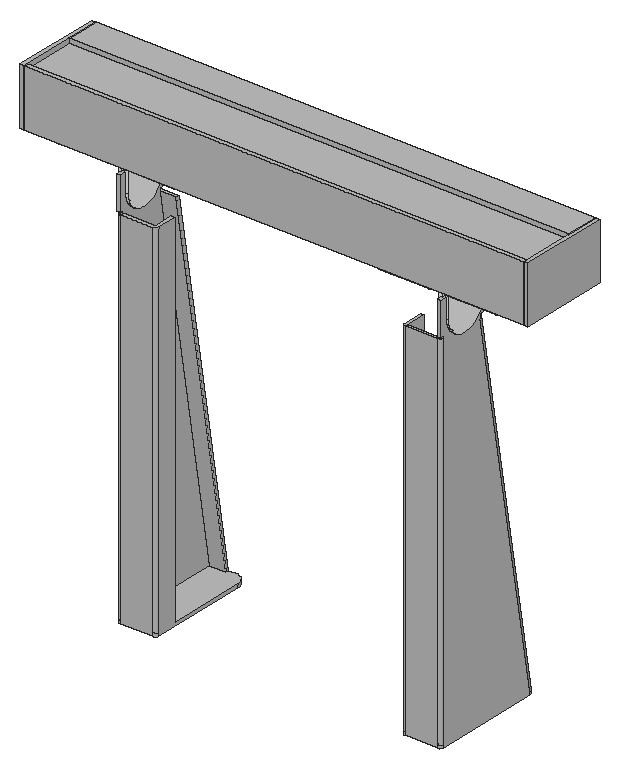
Revit family "4070742+4070747+4070772 Feilo Sylvania Lighting Fixtures CURSUS 306MM 218LM OVAL LED 4K with SINGLE WALL HOUSING with 250MM WALL BRACKET", category Lighting Fixtures, host Face, Revit 2017
Family settings
  Host = Face
  Round Connector Dimension = Use Diameter
  Part Type = Normal
  OmniClass Number = 23.80.70.14
  OmniClass Title = Luminaries for External Lighting
  Cut with Voids When Loaded = Yes
  Light Source = No
  Shared = No
  Room Calculation Point = No
Parameters (values of type "4070742 CURSUS 306MM 218LM OVAL LED 4K")
  Weight = "0.6 kg"
  Wattage Comments = "n/a"
  WarrantyStartDate [instance] = "n/a"
  WarrantyGuarantorParts = "n/a"
  WarrantyDurationUnit = "n/a"
  WarrantyDurationParts = "n/a"
  WarrantyDescription = "n/a"
  Voltage = 24 V
  URL = "http://www.sylvania-lighting.com"
  TypeName = "CURSUS 306MM 218LM OVAL LED 4K"
  TypeFixture_FEILO = CURSUS with SINGLE WALL HOUSING : CURSUS 306MM 218LM OVAL LED 4K
  Type Image = <None>
  Type Comments = "n/a"
  TiltAngle [instance] = 0.00°
  StartAngle [instance] = TiltAngle + 270.00°  # 270.00°
  SerialNumber [instance] = "n/a"
  ReflectorMaterial = none
  PowerFactor = 0
  PowerConsumption = "4.5 W"
  NominalLength = 306 mm
  NominalHeight = 50 mm
  NominalDepth = 30 mm
  Name = "CURSUS 306MM 218LM OVAL LED 4K"
  ModelReference = Name  # "CURSUS 306MM 218LM OVAL LED 4K"
  ModelNumber = "4070742"
  Model = Name  # "CURSUS 306MM 218LM OVAL LED 4K"
  Material = "natural anodised extruded aluminium structure housing, optical system with pmma lenses diffuser"
  ManufacturerName = "Feilo Sylvania"
  Manufacturer = "Feilo Sylvania"
  LuminousEfficacy = "48.44 lm/W"
  LuminaireType = ""
  LightOutputRatio = "100"
  LampsType = Lamp  # "LED"
  LampNominalLuminous = "218 lm"
  LampMacAdamStep = "n/a"
  LampColourTemperature = "4000 K"
  LampColourRenderingIndex = "80"
  Lamp = "LED"
  Keynote = "16500"
  InstallationDate [instance] = "n/a"
  InputVoltage = "24V DC"
  InputNominalFrequency = "n/a"
  IngressProtection = "IP67"
  ImpactProtectionIndex = "IK07"
  IfcExportType = "IfcLightFixtureType"
  IfcExportAs = "IfcLightFixtureType"
  ExpectedLife = 50000
  EndAngle [instance] = StartAngle - 180.00°  # 90.00°
  ElectricShockClassification = "Class III"
  DurationUnit = "hours"
  DocumentationLiterature = "http://www.sylvania-lighting.com/product/en-int/products/4070742"
  DimmingControlOptions = "n/a"
  DiffuserMaterial = Diffuser-Sylvania-Glow
  Description = "LED Exterior Lighting Recessed Surface Mounted Linear Fixture, Natural anodised extruded aluminium structure. Die-cast aluminium end caps. Installation kit with harmonic steel springs., 218 lm, 4,5W,  48lm/W, 4000K, CRI80+,non dimmable,IP67, IK07, (HxWxD) 306x50x30mm, 3 step Mac Adam Ellipse, 0.6kg,, Classe III, 21-25V-DC, energy class : A++, A+, A"
  Default Elevation = 1219.2 mm
  CreatedOn = "1/8/2018"
  CreatedBy = ""
  Cost = 0
  built-in parameter 1114216 [instance] = (empty or 0)
  ClassificationValue = "EF_70_80"
  ClassificationName = "Uniclass2015"
  BracketWidth = 24 mm
  BracketThickness = 2 mm
  BracketHeightEnd = 32 mm
  BracketHeight = 70 mm
  BracketFlange = BracketHeight / 5  # 14 mm
  BracketExtension = 250 mm
  BracketEndReduction = 25 mm
  BracketC = 22 mm  # constant formula
  BracketDistance = 175 mm
  BracketD = BracketHeightEnd - (BracketC * (BracketHeight - BracketHeightEnd) / (BracketExtension - BracketEndReduction))  # 28.284 mm
  BodyMaterial = Body-Sylvania-Gray
  BarCode [instance] = "n/a"
  AssetType = "Fixed"
  AssetIdentifier [instance] = "n/a"
  Assembly Code = "D5020200"
  Apparent Load = 4.5 VA
  AccessoryMaterial = Diffuser-Sylvania-Glow
Reference planes
  plane 1 "Center (Front/Back)": y = 0
  plane 2: z = 0
  plane 3 "Center (Left/Right)": x = 0
  plane 4: x = -99.5
  plane 5: x = 99.5
  plane 6: y = 70
  plane 7: x = -75.5
  plane 8: x = 75.5
  plane 9: z = 250
  plane 10: z = 236
  plane 11: z = 2
  plane 12: z = 225
  plane 13: x = -97.5
  plane 14: y = 68
  plane 15: y = 2
  plane 16: x = -77.5
  plane 17: x = 77.5
  plane 18: x = 97.5
  plane 19: x = -87.5
  plane 20: x = 87.5
  plane 21: y = 14
  plane 22: y = 32
  plane 23: y = 30
  plane 24: z = 247
  plane 25: y = 28.284
  plane 26: y = 16
Forms (mm)
  Blend 1, solid, material "Body-Sylvania-Gray" <- "BodyMaterial"
    base sketch origin (1223.4, -4572, 2) x (0, -1, 0) y (1, 0, 0)
      loop
        line (-4640, -1310.9) -> (-4642, -1310.9) -> (-4642, -1320.9)
        arc (-4642, -1320.9) -> (-4641.414, -1322.314) -> (-4640, -1322.9) r 2
        line (-4640, -1322.9) -> (-4574, -1322.9)
        arc (-4574, -1322.9) -> (-4572.586, -1322.314) -> (-4572, -1320.9) r 2
        line (-4572, -1320.9) -> (-4572, -1300.9)
        arc (-4572, -1300.9) -> (-4572.586, -1299.486) -> (-4574, -1298.9) r 2
        line (-4574, -1298.9) -> (-4586, -1298.9) -> (-4586, -1300.9) -> (-4574, -1300.9) -> (-4574, -1320.9) -> (-4640, -1320.9) -> (-4640, -1310.9)
    top sketch origin (1223.4, -4572, 2) x (0, -1, 0) y (1, 0, 0)
      loop
        line (-4586, -1300.9) -> (-4574, -1300.9) -> (-4574, -1320.9) -> (-4602, -1320.9) -> (-4602, -1310.9) -> (-4604, -1310.9) -> (-4604, -1320.9)
        arc (-4604, -1320.9) -> (-4603.52, -1322.21) -> (-4602.309, -1322.9) r 2.028
        line (-4602.309, -1322.9) -> (-4574, -1322.9)
        arc (-4574, -1322.9) -> (-4572.586, -1322.314) -> (-4572, -1320.9) r 2
        line (-4572, -1320.9) -> (-4572, -1300.9)
        arc (-4572, -1300.9) -> (-4572.586, -1299.486) -> (-4574, -1298.9) r 2
        line (-4574, -1298.9) -> (-4586, -1298.9) -> (-4586, -1300.9)
    from 0 to 223
  Extrusion 2, solid, material "Body-Sylvania-Gray" <- "BodyMaterial"
    sketch origin (0, 0, 0) x (1, 0, 0) y (0, 1, 0)
      loop
        arc (-97.5, 70) -> (-98.914, 69.414) -> (-99.5, 68) r 2
        line (-99.5, 68) -> (-99.5, 2)
        arc (-99.5, 2) -> (-98.914, 0.586) -> (-97.5, 0) r 2
        line (-97.5, 0) -> (-77.5, 0)
        arc (-77.5, 0) -> (-76.086, 0.586) -> (-75.5, 2) r 2
        line (-75.5, 2) -> (-75.5, 62.5)
        arc (-75.5, 62.5) -> (-77.697, 67.803) -> (-83, 70) r 7.5
        line (-83, 70) -> (-97.5, 70)
      loop
        line (97.5, 70) -> (83, 70)
        arc (83, 70) -> (77.697, 67.803) -> (75.5, 62.5) r 7.5
        line (75.5, 62.5) -> (75.5, 2)
        arc (75.5, 2) -> (76.086, 0.586) -> (77.5, 0) r 2
        line (77.5, 0) -> (97.5, 0)
        arc (97.5, 0) -> (98.914, 0.586) -> (99.5, 2) r 2
        line (99.5, 2) -> (99.5, 68)
        arc (99.5, 68) -> (98.914, 69.414) -> (97.5, 70) r 2
    from 0 to 2
  Blend 3, solid, material "Body-Sylvania-Gray" <- "BodyMaterial"
    base sketch origin (1223.4, -4572, 2) x (0, -1, 0) y (1, 0, 0)
      loop
        line (-4640, -1125.9) -> (-4574, -1125.9) -> (-4574, -1145.9) -> (-4586, -1145.9) -> (-4586, -1147.9) -> (-4574, -1147.9)
        arc (-4574, -1147.9) -> (-4572.586, -1147.314) -> (-4572, -1145.9) r 2
        line (-4572, -1145.9) -> (-4572, -1125.9)
        arc (-4572, -1125.9) -> (-4572.586, -1124.486) -> (-4574, -1123.9) r 2
        line (-4574, -1123.9) -> (-4640, -1123.9)
        arc (-4640, -1123.9) -> (-4641.414, -1124.486) -> (-4642, -1125.9) r 2
        line (-4642, -1125.9) -> (-4642, -1135.9) -> (-4640, -1135.9) -> (-4640, -1125.9)
    top sketch origin (1223.4, -4572, 2) x (0, -1, 0) y (1, 0, 0)
      loop
        line (-4602, -1135.9) -> (-4602, -1125.9) -> (-4574, -1125.9) -> (-4574, -1145.9) -> (-4586, -1145.9) -> (-4586, -1147.9) -> (-4574, -1147.9)
        arc (-4574, -1147.9) -> (-4572.586, -1147.314) -> (-4572, -1145.9) r 2
        line (-4572, -1145.9) -> (-4572, -1125.9)
        arc (-4572, -1125.9) -> (-4572.586, -1124.486) -> (-4574, -1123.9) r 2
        line (-4574, -1123.9) -> (-4602, -1123.9)
        arc (-4602, -1123.9) -> (-4603.414, -1124.486) -> (-4604, -1125.9) r 2
        line (-4604, -1125.9) -> (-4604, -1135.9) -> (-4602, -1135.9)
    from 0 to 223
  Blend 4, solid, material "Body-Sylvania-Gray" <- "BodyMaterial"
    base sketch origin (1223.4, -4572, 225) x (0, -1, 0) y (1, 0, 0)
      loop
        line (-4604, -1322.9) -> (-4572, -1322.9) -> (-4572, -1320.9) -> (-4604, -1320.9) -> (-4604, -1322.9)
    top sketch origin (1223.4, -4572, 225) x (0, -1, 0) y (1, 0, 0)
      loop
        line (-4572, -1322.9) -> (-4572, -1320.9) -> (-4600.284, -1320.9) -> (-4600.284, -1322.9) -> (-4572, -1322.9)
    from 0 to 22
  Blend 5, solid, material "Body-Sylvania-Gray" <- "BodyMaterial"
    base sketch origin (1223.4, -4572, 225) x (0, -1, 0) y (1, 0, 0)
      loop
        line (-4604, -1125.9) -> (-4572, -1125.9) -> (-4572, -1123.9) -> (-4604, -1123.9) -> (-4604, -1125.9)
    top sketch origin (1223.4, -4572, 225) x (0, -1, 0) y (1, 0, 0)
      loop
        line (-4572, -1123.9) -> (-4600.284, -1123.9) -> (-4600.284, -1125.9) -> (-4572, -1125.9) -> (-4572, -1123.9)
    from 0 to 22
  Extrusion 6, void
    sketch origin (0, 0, 0) x (0, 1, 0) y (0, 0, 1)
      loop
        line (0, 225) -> (2, 225) -> (2, 226.5) -> (0, 226.5) -> (0, 225)
      loop
        line (32, 225) -> (32, 226.5) -> (30, 226.5) -> (30, 225) -> (32, 225)
    from -99.5 to 99.5
  Revolve 7, solid, not visible
    sketch origin (1524, 16, 1219.2) x (1, 0, 0) y (0, 0, 1)
      loop
        line (-1524, -972.2) -> (-1524, -983.2) -> (-1436.5, -983.2) -> (-1436.5, -972.2) -> (-1524, -972.2)
      axis (-1436.5, -983.2) -> (-1524, -983.2)
    angle from 270 <- "StartAngle" to 90 <- "EndAngle"
Cuts and joins
  Extrusion 6 cuts Blend 4
  Extrusion 6 cuts Blend 5
  joined: Blend 1, Extrusion 2, Blend 3, Blend 4, Blend 5
Lines and regions (mm)
  reference lines, not visible
    curve 1: line (-75.5, 16, 236) -> (75.5, 16, 236)
Dimensions and locks
  equal spacing: plane 4, plane 3 "Center (Left/Right)", plane 5
  "BracketDistance": plane 19 to plane 20
  "BracketHeight": plane 1 "Center (Front/Back)" to plane 6
  equal spacing: plane 7, plane 3 "Center (Left/Right)", plane 8
  "BracketWidth": plane 4 to plane 7
  "BracketExtension": plane 9 to plane 2
  "BracketThickness": plane 11 to plane 2
  "BracketEndReduction": plane 9 to plane 12
  equal spacing: plane 13, plane 3 "Center (Left/Right)", plane 18
  equal spacing: plane 16, plane 3 "Center (Left/Right)", plane 17
  "BracketThickness": plane 4 to plane 13
  "BracketThickness": plane 16 to plane 7
  "BracketThickness": plane 14 to plane 6
  "BracketThickness": plane 1 "Center (Front/Back)" to plane 15
  equal spacing: plane 4, plane 19, plane 7
  equal spacing: plane 8, plane 20, plane 5
  "BracketFlange": plane 1 "Center (Front/Back)" to plane 21
  "BracketHeightEnd": plane 1 "Center (Front/Back)" to plane 22
  "BracketThickness": plane 23 to plane 22
  locked: Extrusion 2 sketch curve to plane 7 at 7.5
  locked: Extrusion 2 sketch curve to plane 6 at 7.5  (x2)
  locked: plane 8 to Extrusion 2 sketch curve at 7.5
  "BracketC": plane 24 to plane 12
  "BracketD": plane 1 "Center (Front/Back)" to plane 25
  locked: plane 12 to Extrusion 6 sketch curve at 1.5
  equal spacing: plane 24, plane 10, plane 12
  equal spacing: plane 1 "Center (Front/Back)", plane 26, plane 22
  aligned and locked: plane 2 to host face
  aligned and locked: level to host face
  aligned and locked: plane 4 to Blend 1 sketch curve  (x2)
  aligned and locked: plane 13 to Blend 1 sketch curve  (x3)
  aligned and locked: Blend 1 sketch curve to plane 15
  aligned and locked: Blend 1 sketch curve to plane 16
  aligned and locked: Blend 1 sketch curve to plane 21
  aligned and locked: plane 7 to Blend 1 sketch curve
  aligned and locked: plane 16 to Blend 1 sketch curve
  aligned and locked: plane 1 "Center (Front/Back)" to Blend 1 sketch curve
  aligned and locked: plane 14 to Blend 1 sketch curve
  aligned and locked: Blend 1 sketch curve to var sketch  (x6)
  aligned and locked: Blend 1 sketch curve to plane 19
  aligned and locked: Blend 1 sketch curve to plane 22
  aligned and locked: plane 23 to Blend 1 sketch curve
  aligned and locked: plane 11 to Blend 1
  aligned and locked: Extrusion 2 sketch curve to Blend 1  (x3)
  aligned and locked: Extrusion 2 to level
  aligned and locked: Extrusion 2 to plane 11
  aligned and locked: Extrusion 2 sketch curve to plane 7
  aligned and locked: plane 18 to Blend 3 sketch curve  (x4)
  aligned and locked: plane 14 to Blend 3 sketch curve  (x2)
  aligned and locked: Blend 3 sketch curve to plane 20
  aligned and locked: Blend 3 sketch curve to plane 6
  aligned and locked: plane 5 to Blend 3 sketch curve
  aligned and locked: plane 1 "Center (Front/Back)" to Blend 3 sketch curve
  aligned and locked: plane 15 to Blend 3 sketch curve  (x2)
  aligned and locked: Blend 3 sketch curve to plane 8
  aligned and locked: Blend 3 sketch curve to plane 21
  aligned and locked: plane 17 to Blend 3 sketch curve
  aligned and locked: Blend 3 sketch curve to plane 18
  aligned and locked: plane 20 to Blend 3 sketch curve  (x2)
  aligned and locked: Blend 3 sketch curve to plane 23
  aligned and locked: Blend 3 sketch curve to var sketch  (x8)
  aligned and locked: var sketch to Blend 3 sketch curve
  aligned and locked: plane 22 to Blend 3 sketch curve
  aligned and locked: plane 11 to Blend 3
  aligned and locked: Extrusion 2 sketch curve to Blend 3  (x4)
  aligned and locked: Blend 1 to plane 12
  aligned and locked: Blend 3 to plane 12
  aligned and locked: Blend 4 sketch curve to plane 22
  aligned and locked: Blend 4 sketch curve to cut or joined group of Blend 1, Extrusion 2, Blend 3, Blend 4, Blend 5, Extrusion 6  (x2)
  aligned and locked: cut or joined group of Blend 1, Extrusion 2, Blend 3, Blend 4, Blend 5, Extrusion 6 to Blend 4 sketch curve
  aligned and locked: Blend 4 sketch curve to var sketch  (x2)
  aligned and locked: Blend 4 sketch curve to plane 13
  aligned and locked: Blend 4 to plane 24
  aligned and locked: Blend 4 sketch curve to plane 25
  aligned and locked: Blend 5 sketch curve to plane 18  (x2)
  aligned and locked: plane 1 "Center (Front/Back)" to Blend 5 sketch curve
  aligned and locked: plane 5 to Blend 5 sketch curve
  aligned and locked: plane 22 to Blend 5 sketch curve
  aligned and locked: Blend 5 sketch curve to var sketch
  aligned and locked: var sketch to Blend 5 sketch curve
  aligned and locked: Blend 5 sketch curve to plane 25
  aligned and locked: Blend 5 to plane 24
  aligned and locked: plane 12 to Blend 5
  aligned and locked: Extrusion 6 sketch curve to cut or joined group of Blend 1, Extrusion 2, Blend 3, Blend 4, Blend 5, Extrusion 6  (x2)
  aligned and locked: Extrusion 6 sketch curve to Extrusion 6 sketch curve
  aligned and locked: Extrusion 6 sketch curve to plane 15
  aligned and locked: plane 5 to Extrusion 6
  aligned and locked: Extrusion 6 to plane 4
  aligned and locked: Extrusion 6 sketch curve to plane 23
  aligned and locked: Revolve 7 sketch curve to plane 10  (x2)
  aligned and locked: plane 24 to Revolve 7 sketch curve
  aligned and locked: plane 3 "Center (Left/Right)" to Revolve 7 sketch curve
  aligned and locked: Revolve 7 sketch curve to plane 20
  aligned and locked: plane 7 to curve 1
  aligned and locked: plane 10 to curve 1
  aligned and locked: nested 1 to plane 5
  aligned and locked: nested 2 to plane 4
  aligned and locked: nested 1 to curve 1
  aligned and locked: nested 2 to curve 1
  aligned and locked: nested 1 to nested 3
  aligned and locked: nested 3 to plane 3 "Center (Left/Right)"
Automatic sketch dimensions
  host sketch curve to host sketch curve = 2438.4 mm  (x2)
  Blend 1 sketch curve to plane 13 = 0 mm
  plane 15 to Blend 1 sketch curve = 0 mm  (x3)
  Blend 1 sketch curve to plane 23 = 0.309 mm
  plane 6 to Blend 1 sketch curve = 0 mm
  plane 14 to Blend 1 sketch curve = 0 mm
  Blend 1 sketch curve to plane 19 = 0 mm
  Blend 3 sketch curve to plane 17 = 0 mm
  Extrusion 6 sketch curve to plane 1 "Center (Front/Back)" = 0 mm
  plane 12 to Extrusion 6 sketch curve = 0 mm
  Revolve 7 sketch curve to plane 4 = 1153 mm
  plane 5 to Revolve 7 sketch curve = 1161.4 mm
  curve 1 to plane 8 = 0 mm
Nested families
  nested 1: "MountingPlate" at (98.5, 16, 236) x (-1, 0, 0) z (0, 0, 1), type "MountingPlate"
  nested 2: "MountingPlate" at (-98.5, 16, 236) x (-1, 0, 0) z (0, 0, 1), type "MountingPlate"
  nested 3: "CURSUS with SINGLE WALL HOUSING" at (0, -4, 254) x (-1, 0, 0) z (0, 0, 1), type <- "TypeFixture_FEILO", type "CURSUS 306MM 218LM OVAL LED 4K"
    with WarrantyStartDate "n/a", SerialNumber "n/a", InstallationDate "n/a", EndCapRight yes, EndCapLeft yes, built-in parameter 1114216 (empty or 0), BarCode "n/a", AssetIdentifier "n/a"
Connectors
  electrical at (0, 0, 0), driven by "Voltage", driven by "Apparent Load", driven by "PowerFactor"
    settings: index 1, voltage 24 V, apparent load 4.5 VA, apparent load phase1 0 VA, apparent load phase2 0 VA, apparent load phase3 0 VA, power factor 0, load classification "Other", number of poles 1, system type 30, power factor state 1, is connector primary yes, connector utility no, sub classification motor no, connector description ""
Definition of nested family "MountingPlate"
  Parameters (values of type "MountingPlate")
    URL = "http://www.feilosylvania.com"
    Type Comments = "n/a"
    ReflectorMaterial = none
    MountingPlateWidth = 76 mm
    MountingPlateThickness = 2 mm
    MountingPlateRadiusBack = 12 mm
    MountingPlateRadius = 3 mm
    MountingPlateHeight = 35 mm
    Model = "n/a"
    Manufacturer = "Feilo Sylvania"
    Keynote = "n/a"
    DiffuserMaterial = none
    Description = "n/a"
    Default Elevation = 1219.2 mm
    Cost = 0
    BodyMaterial = none
    Assembly Code = "n/a"
    AccessoryMaterial = none
  Reference planes
    plane 1 "Center (Front/Back)": y = 0
    plane 2: z = 0
    plane 3 "Center (Left/Right)": x = 0
    plane 4: x = -38
    plane 5: x = 38
    plane 6: y = 17.5
    plane 7: y = -17.5
    plane 8: x = -3
    plane 9: x = 3
    plane 10: z = 18
    plane 11: z = 16
    plane 12: y = 12.5
    plane 13: y = -12.5
    plane 14: x = -1
    plane 15: x = 1
    plane 16: z = -12.5
    plane 17: z = -14.5
  Forms (mm)
    Extrusion 1, solid
      sketch origin (1.653, 0, 0) x (1, 0, 0) y (0, 1, 0)
        loop
          line (-1219.2, 1219.2) -> (-1219.2, -1219.2) -> (1219.2, -1219.2) -> (1219.2, 1219.2) -> (-1219.2, 1219.2)
      from 0 to -304.8
    Extrusion 2, solid, material <- "BodyMaterial"
      sketch origin (1218.4, -4572, 16) x (0, -1, 0) y (-1, 0, 0)
        loop
          line (-4589.5, 1253.4) -> (-4589.5, 1224.4)
          arc (-4589.5, 1224.4) -> (-4588.621, 1222.279) -> (-4586.5, 1221.4) r 3
          line (-4586.5, 1221.4) -> (-4557.5, 1221.4)
          arc (-4557.5, 1221.4) -> (-4555.379, 1222.279) -> (-4554.5, 1224.4) r 3
          line (-4554.5, 1224.4) -> (-4554.5, 1253.4)
          arc (-4554.5, 1253.4) -> (-4555.379, 1255.521) -> (-4557.5, 1256.4) r 3
          line (-4557.5, 1256.4) -> (-4586.5, 1256.4)
          arc (-4586.5, 1256.4) -> (-4588.621, 1255.521) -> (-4589.5, 1253.4) r 3
        loop
          arc (-4589.5, 1183.4) -> (-4588.621, 1181.279) -> (-4586.5, 1180.4) r 3
          line (-4586.5, 1180.4) -> (-4557.5, 1180.4)
          arc (-4557.5, 1180.4) -> (-4555.379, 1181.279) -> (-4554.5, 1183.4) r 3
          line (-4554.5, 1183.4) -> (-4554.5, 1212.4)
          arc (-4554.5, 1212.4) -> (-4555.379, 1214.521) -> (-4557.5, 1215.4) r 3
          line (-4557.5, 1215.4) -> (-4586.5, 1215.4)
          arc (-4586.5, 1215.4) -> (-4588.621, 1214.521) -> (-4589.5, 1212.4) r 3
          line (-4589.5, 1212.4) -> (-4589.5, 1183.4)
      from 0 to -2
    Extrusion 3, solid, material <- "BodyMaterial"
      sketch origin (0, 0, 0) x (1, 0, 0) y (0, 0, 1)
        loop
          line (-3, 18) -> (-3, -12.5) -> (-1, -12.5) -> (-1, 16)
          arc (-1, 16) -> (-1.586, 17.414) -> (-3, 18) r 2
        loop
          line (3, -12.5) -> (3, 18)
          arc (3, 18) -> (1.586, 17.414) -> (1, 16) r 2
          line (1, 16) -> (1, -12.5) -> (3, -12.5)
      from -12.5 to 12.5
    Extrusion 4, void
      sketch origin (0, 0, 0) x (0, 1, 0) y (0, 0, 1)
        loop
          line (-12.5, -0.5) -> (-17.5, -0.5) -> (-17.5, -14.5) -> (-0.5, -14.5) -> (-0.5, -12.5)
          arc (-0.5, -12.5) -> (-8.985, -8.985) -> (-12.5, -0.5) r 12
        loop
          line (0.5, -12.5) -> (0.5, -14.5) -> (17.5, -14.5) -> (17.5, -0.5) -> (12.5, -0.5)
          arc (12.5, -0.5) -> (8.985, -8.985) -> (0.5, -12.5) r 12
      from -3 to 3
  Cuts and joins
    Extrusion 4 cuts Extrusion 2
    Extrusion 4 cuts Extrusion 3
    joined: Extrusion 2, Extrusion 3
  Lines and regions (mm)
    reference lines
      curve 1: line (-38, 0, 0) -> (38, 0, 0)
  Dimensions and locks
    equal spacing: plane 4, plane 3 "Center (Left/Right)", plane 5
    "MountingPlateWidth": plane 4 to plane 5
    equal spacing: plane 7, plane 1 "Center (Front/Back)", plane 6
    "MountingPlateHeight": plane 7 to plane 6
    equal spacing: plane 8, plane 3 "Center (Left/Right)", plane 9
    "MountingPlateHeight": plane 4 to plane 8
    locked: plane 10 to plane 2 at 18
    "MountingPlateThickness": plane 10 to plane 11
    equal spacing: plane 13, plane 1 "Center (Front/Back)", plane 12
    locked: plane 13 to plane 12 at 25
    "MountingPlateRadius": plane 4 to Extrusion 2 sketch curve  (x2)
    "MountingPlateRadius": Extrusion 2 sketch curve to plane 6  (x4)
    "MountingPlateRadius": Extrusion 2 sketch curve to plane 8  (x2)
    "MountingPlateRadius": plane 7 to Extrusion 2 sketch curve  (x4)
    "MountingPlateRadius": plane 9 to Extrusion 2 sketch curve  (x2)
    "MountingPlateRadius": Extrusion 2 sketch curve to plane 5  (x2)
    equal spacing: plane 15, plane 3 "Center (Left/Right)", plane 14
    "MountingPlateThickness": plane 14 to plane 8
    locked: plane 2 to plane 16 at 12.5
    locked: plane 17 to plane 16 at 2
    "MountingPlateRadiusBack": plane 13 to Extrusion 4 sketch curve
    "MountingPlateRadiusBack": plane 16 to Extrusion 4 sketch curve  (x2)
    "MountingPlateRadiusBack": Extrusion 4 sketch curve to plane 12
    aligned and locked: plane 2 to Extrusion 1
    aligned and locked: level to Extrusion 1
    aligned and locked: Extrusion 2 sketch curve to plane 6
    aligned and locked: Extrusion 2 sketch curve to plane 4
    aligned and locked: plane 7 to Extrusion 2 sketch curve
    aligned and locked: plane 8 to Extrusion 2 sketch curve
    aligned and locked: plane 6 to Extrusion 2 sketch curve
    aligned and locked: Extrusion 2 sketch curve to plane 5
    aligned and locked: Extrusion 2 sketch curve to plane 7
    aligned and locked: plane 9 to Extrusion 2 sketch curve
    aligned and locked: Extrusion 2 to plane 10
    aligned and locked: plane 11 to Extrusion 2
    aligned and locked: Extrusion 3 sketch curve to Extrusion 2  (x2)
    aligned and locked: plane 16 to Extrusion 3 sketch curve  (x2)
    aligned and locked: plane 14 to Extrusion 3 sketch curve
    aligned and locked: plane 9 to Extrusion 3 sketch curve
    aligned and locked: plane 15 to Extrusion 3 sketch curve
    aligned and locked: Extrusion 3 to plane 12
    aligned and locked: plane 13 to Extrusion 3
    aligned and locked: plane 17 to Extrusion 4 sketch curve  (x2)
    aligned and locked: Extrusion 4 sketch curve to plane 7
    aligned and locked: Extrusion 4 sketch curve to plane 6
    aligned and locked: plane 9 to Extrusion 4
    aligned and locked: Extrusion 4 to plane 8
    aligned and locked: plane 4 to curve 1
    aligned and locked: curve 1 to level
  Automatic sketch dimensions
    Extrusion 1 sketch curve to Extrusion 1 sketch curve = 2438.4 mm  (x2)
    Extrusion 3 sketch curve to plane 11 = 0 mm
    curve 1 to plane 5 = 0 mm
    Extrusion 4 sketch curve to plane 13 = 0 mm
    Extrusion 4 sketch curve to plane 12 = 0 mm
Definition of nested family "CURSUS with SINGLE WALL HOUSING"
  Parameters (values of type "CURSUS 1161MM 827LM OVAL LED 3K")
    Width_FEILO = 35 mm
    Weight = "2.2 kg"
    Wattage Comments = "n/a"
    Wattage = 18 W
    WarrantyStartDate [instance] = "n/a"
    WarrantyGuarantorParts = "n/a"
    WarrantyDurationUnit = "n/a"
    WarrantyDurationParts = "n/a"
    WarrantyDescription = "n/a"
    WallThickness_FEILO = 2.5 mm
    built-in parameter 1150110 = 1 (stored number, unit not read)
    Voltage = 24 V
    URL = "http://www.feilosylvania.com"
    TypeName = "CURSUS 1161MM 827LM OVAL LED 3K"
    Type Image = (empty or 0)
    Type Comments = "n/a"
    built-in parameter 1114217 = 1 (stored number, unit not read)
    Tilt Angle = -90.00°
    built-in parameter 1150109 = 1 (stored number, unit not read)
    built-in parameter 1150134 = (empty or 0)
    built-in parameter 1150113 = 1 (stored number, unit not read)
    SerialNumber [instance] = "n/a"
    ReflectorMaterial = none
    PowerFactor = 0
    PowerConsumption = "18 W"
    Photometric Web File = "4070765.ies"
    NominalLength = 1161 mm
    NominalHeight = 50 mm
    NominalDepth = 30 mm
    Name = "CURSUS 1161MM 827LM OVAL LED 3K"
    ModelReference = Name  # "CURSUS 1161MM 827LM OVAL LED 3K"
    ModelNumber = ""
    Model = Name  # "CURSUS 1161MM 827LM OVAL LED 3K"
    Material = "natural anodised extruded aluminium structure housing, optical system with pmma lenses diffuser"
    ManufacturerName = "Feilo Sylvania"
    Manufacturer = "Feilo Sylvania"
    LuminousEfficacy = "45.94 lm/W"
    built-in parameter 1150105 = 1166.5 (stored number, unit not read)
    Lumens = 827 lm
    LuminaireType = ""
    built-in parameter 1150115 = 1 (stored number, unit not read)
    LightOutputRatio = "100"
    built-in parameter 1150137 = (empty or 0)
    built-in parameter 1150139 = (empty or 0)
    Length_FEILO = 1167 mm
    LampsType = Lamp  # "LED"
    LampNominalLuminous = "827 lm"
    LampMacAdamStep = "n/a"
    LampColourTemperature = "3000 K"
    LampColourRenderingIndex = "80"
    built-in parameter 1150112 = 1 (stored number, unit not read)
    built-in parameter 1150114 = 1 (stored number, unit not read)
    Lamp = "LED"
    Keynote = "16500"
    InstallationDate [instance] = "n/a"
    InputVoltage = "24V DC"
    InputNominalFrequency = "n/a"
    built-in parameter 1150132 = (empty or 0)
    built-in parameter 1150102 = (empty or 0)
    built-in parameter 1150107 = 3000 (stored number, unit not read)
    built-in parameter 1150138 = (empty or 0)
    IngressProtection = "IP67"
    ImpactProtectionIndex = "IK07"
    built-in parameter 1150106 = 11.665 (stored number, unit not read)
    IfcExportType = "IfcLightFixtureType"
    IfcExportAs = "IfcLightFixtureType"
    ExpectedLife = 50000
    EndCapRight [instance] = yes
    EndCapLeft [instance] = yes
    Emit from Rectangle Width = Width_FEILO - WallThickness_FEILO * 2  # 30 mm
    Emit from Rectangle Length = Length_FEILO - WallThickness_FEILO * 2  # 1162 mm
    Emit Shape Visible in Rendering = no
    ElectricShockClassification = "Class III"
    built-in parameter 1150104 = 4.2684 (stored number, unit not read)
    DurationUnit = "hours"
    DocumentationLiterature = "http://www.feilosylvania.com/product/en-int/products/4070765"
    DimmingControlOptions = "n/a"
    Dimming Lamp Color Temperature Shift = (empty or 0)
    DiffuserMaterial = none
    Description = "LED Exterior Lighting Recessed Surface Mounted Linear Fixture, Natural anodised extruded aluminium structure. Die-cast aluminium end caps. Installation kit with harmonic steel springs., 827 lm, 18W, 45lm/W, 3000K, CRI80+,non dimmable,IP67, IK07, (HxWxD) 1161x50x30mm, 3 step Mac Adam Ellipse, 2.2kg,, Classe III, 21-25V-DC, energy class : A++, A+, A"
    Default Elevation = 1219.2 mm
    CreatedOn = "1/8/2018"
    CreatedBy = "aron.fodor@feilosylvania.com"
    Cost = 0
    Color Filter = 16777215
    built-in parameter 1114216 [instance] = (empty or 0)
    ClassificationValue = "EF_70_80"
    ClassificationName = "Uniclass2015"
    BodyMaterial = none
    BarCode [instance] = "n/a"
    built-in parameter 1114218 = 1 (stored number, unit not read)
    built-in parameter 1150133 = 10 (stored number, unit not read)
    AssetType = "Fixed"
    AssetIdentifier [instance] = "n/a"
    Assembly Code = "D5020200"
    Apparent Load = 18 VA
    AccessoryMaterial = none
  Types (16, lengths in mm): name | Weight | Wattage | Voltage | TypeName | built-in parameter 1150134 | PowerConsumption | Photometric Web File | NominalLength | Name | ModelReference | Model | Material | LuminousEfficacy | built-in parameter 1150105 | Lumens | Length_FEILO | LampNominalLuminous | LampColourTemperature | InputVoltage | InputNominalFrequency | built-in parameter 1150107 | built-in parameter 1150106 | Emit from Rectangle Length | built-in parameter 1150104 | DocumentationLiterature | Description | Apparent Load
    CURSUS 1161MM 827LM OVAL LED 3K | "2.2 kg" | 18 W | 24 V | "CURSUS 1161MM 827LM OVAL LED 3K" | (empty or 0) | "18 W" | "4070765.ies" | 1161 | "CURSUS 1161MM 827LM OVAL LED 3K" | "CURSUS 1161MM 827LM OVAL LED 3K" | "CURSUS 1161MM 827LM OVAL LED 3K" | "natural anodised extruded aluminium structure housing, optical system with pmma lenses diffuser" | "45.94 lm/W" | 1166.5 (stored number, unit not read) | 827 lm | 1167 | "827 lm" | "3000 K" | "24V DC" | "n/a" | 3000 (stored number, unit not read) | 11.665 (stored number, unit not read) | 1162 | 4.2684 (stored number, unit not read) | "http://www.feilosylvania.com/product/en-int/products/4070765" | "LED Exterior Lighting Recessed Surface Mounted Linear Fixture, Natural anodised extruded aluminium structure. Die-cast aluminium end caps. Installation kit with harmonic steel springs., 827 lm, 18W, 45lm/W, 3000K, CRI80+,non dimmable,IP67, IK07, (HxWxD) 1161x50x30mm, 3 step Mac Adam Ellipse, 2.2kg,, Classe III, 21-25V-DC, energy class : A++, A+, A" | 18 VA
    CURSUS 1161MM 731LM WIDE LED 3K | "2.2 kg" | 18 W | 230 V | "CURSUS 1161MM 731LM WIDE LED 3K" | (empty or 0) | "18 W" | "4070764.ies" | 1161 | "CURSUS 1161MM 731LM WIDE LED 3K" | "CURSUS 1161MM 731LM WIDE LED 3K" | "CURSUS 1161MM 731LM WIDE LED 3K" | "natural anodised extruded aluminium structure housing" | "40.61 lm/W" | 403.47 (stored number, unit not read) | 731 lm | 1167 | "731 lm" | "3000 K" | "220-240V~" | "n/a" | 3000 (stored number, unit not read) | 4.0347 (stored number, unit not read) | 1162 | 3.7729 (stored number, unit not read) | "http://www.feilosylvania.com/product/en-int/products/4070764" | "LED Exterior Lighting Recessed Surface Mounted Linear Fixture, Natural anodised extruded aluminium structure. Die-cast aluminium end caps. Installation kit with harmonic steel springs., 731 lm, 18W, 40lm/W, 3000K, CRI80+,non dimmable,IP67, IK07, (HxWxD) 1161x50x30mm, 3 step Mac Adam Ellipse, 2.2kg,, Classe III, 21-25V-DC, energy class : A++, A+, A" | 18 VA
    CURSUS 1161MM 871LM OVAL LED 4K | "2.2 kg" | 18 W | 24 V | "CURSUS 1161MM 871LM OVAL LED 4K" | 12 | "18 W" | "4070763.ies" | 1161 | "CURSUS 1161MM 871LM OVAL LED 4K" | "CURSUS 1161MM 871LM OVAL LED 4K" | "CURSUS 1161MM 871LM OVAL LED 4K" | "natural anodised extruded aluminium structure housing, optical system with pmma lenses diffuser" | "48.38 lm/W" | 1192.8 (stored number, unit not read) | 871 lm | 1167 | "871 lm" | "4000 K" | "24V DC" | "50/60 Hz" | 4000 (stored number, unit not read) | 11.928 (stored number, unit not read) | 1162 | 4.4955 (stored number, unit not read) | "http://www.feilosylvania.com/product/en-int/products/4070763" | "LED Exterior Lighting Recessed Surface Mounted Linear Fixture, Natural anodised extruded aluminium structure. Die-cast aluminium end caps. Installation kit with harmonic steel springs., 871 lm, 18W,  48lm/W, 4000K, CRI80+,non dimmable,IP67, IK07, (HxWxD) 1161x50x30mm, 3 step Mac Adam Ellipse, 2.2kg,, Classe III, 21-25V-DC, energy class : A++, A+, A" | 18 VA
    CURSUS 1161MM 770LM WIDE LED 4K | "2.2 kg" | 18 W | 230 V | "CURSUS 1161MM 770LM WIDE LED 4K" | 12 | "18 W" | "4070762.ies" | 1161 | "CURSUS 1161MM 770LM WIDE LED 4K" | "CURSUS 1161MM 770LM WIDE LED 4K" | "CURSUS 1161MM 770LM WIDE LED 4K" | "natural anodised extruded aluminium structure housing" | "42.77 lm/W" | 424.94 (stored number, unit not read) | 770 lm | 1167 | "770 lm" | "4000 K" | "220-240V~" | "n/a" | 4000 (stored number, unit not read) | 4.2494 (stored number, unit not read) | 1162 | 3.9742 (stored number, unit not read) | "http://www.feilosylvania.com/product/en-int/products/4070762" | "LED Exterior Lighting Recessed Surface Mounted Linear Fixture, Natural anodised extruded aluminium structure. Die-cast aluminium end caps. Installation kit with harmonic steel springs., 770 lm, 18W,  42lm/W, 4000K, CRI80+,non dimmable,IP67, IK07, (HxWxD) 1161x50x30mm, 3 step Mac Adam Ellipse, 2.2kg,, Classe III, 21-25V-DC, energy class : A++, A+, A" | 18 VA
    CURSUS 876MM 620LM OVAL LED 3K | "1.7 kg" | 13.5 W | 24 V | "CURSUS 876MM 620LM OVAL LED 3K" | (empty or 0) | "13.5 W" | "4070758.ies" | 876 | "CURSUS 876MM 620LM OVAL LED 3K" | "CURSUS 876MM 620LM OVAL LED 3K" | "CURSUS 876MM 620LM OVAL LED 3K" | "natural anodised extruded aluminium structure housing, optical system with pmma lenses diffuser" | "45.92 lm/W" | 874.55 (stored number, unit not read) | 620 lm | 882 | "620 lm" | "3000 K" | "24V DC" | "50/60 Hz" | 3000 (stored number, unit not read) | 8.7455 (stored number, unit not read) | 877 | 4.2667 (stored number, unit not read) | "http://www.feilosylvania.com/product/en-int/products/4070758" | "LED Exterior Lighting Recessed Surface Mounted Linear Fixture, Natural anodised extruded aluminium structure. Die-cast aluminium end caps. Installation kit with harmonic steel springs., 620 lm, 13,5W, 45lm/W, 3000K, CRI80+,non dimmable,IP67, IK07, (HxWxD) 876x50x30mm, 3 step Mac Adam Ellipse, 1.7kg,, Classe III, 21-25V-DC, energy class : A++, A+, A" | 13.5 VA
    CURSUS 876MM 548LM WIDE LED 3K | "1.7 kg" | 13.5 W | 24 V | "CURSUS 876MM 548LM WIDE LED 3K" | (empty or 0) | "13.5 W" | "4070757.ies" | 876 | "CURSUS 876MM 548LM WIDE LED 3K" | "CURSUS 876MM 548LM WIDE LED 3K" | "CURSUS 876MM 548LM WIDE LED 3K" | "natural anodised extruded aluminium structure housing" | "40.59 lm/W" | 302.47 (stored number, unit not read) | 548 lm | 882 | "548 lm" | "3000 K" | "24V DC" | "n/a" | 3000 (stored number, unit not read) | 3.0247 (stored number, unit not read) | 877 | 3.7712 (stored number, unit not read) | "http://www.feilosylvania.com/product/en-int/products/4070757" | "LED Exterior Lighting Recessed Surface Mounted Linear Fixture, Natural anodised extruded aluminium structure. Die-cast aluminium end caps. Installation kit with harmonic steel springs., 548 lm, 13,5W, 40lm/W, 3000K, CRI80+,non dimmable,IP67, IK07, (HxWxD) 876x50x30mm, 3 step Mac Adam Ellipse, 1.7kg,, Classe III, 21-25V-DC, energy class : A++, A+, A" | 13.5 VA
    CURSUS 876MM 653LM OVAL LED 4K | "1.7 kg" | 13.5 W | 24 V | "CURSUS 876MM 653LM OVAL LED 4K" | 12 | "13.5 W" | "4070756.ies" | 876 | "CURSUS 876MM 653LM OVAL LED 4K" | "CURSUS 876MM 653LM OVAL LED 4K" | "CURSUS 876MM 653LM OVAL LED 4K" | "natural anodised extruded aluminium structure housing, optical system with pmma lenses diffuser" | "48.37 lm/W" | 894.28 (stored number, unit not read) | 653 lm | 882 | "653 lm" | "4000 K" | "24V DC" | "n/a" | 4000 (stored number, unit not read) | 8.9428 (stored number, unit not read) | 877 | 4.4938 (stored number, unit not read) | "http://www.feilosylvania.com/product/en-int/products/4070756" | "LED Exterior Lighting Recessed Surface Mounted Linear Fixture, Natural anodised extruded aluminium structure. Die-cast aluminium end caps. Installation kit with harmonic steel springs., 653 lm, 13,5W,  48lm/W, 4000K, CRI80+,non dimmable,IP67, IK07, (HxWxD) 876x50x30mm, 3 step Mac Adam Ellipse, 1.7kg,, Classe III, 21-25V-DC, energy class : A++, A+, A" | 13.5 VA
    CURSUS 876MM 577LM WIDE LED 4K | "1.7 kg" | 13.5 W | 24 V | "CURSUS 876MM 577LM WIDE LED 4K" | 12 | "13.5 W" | "4070755.ies" | 876 | "CURSUS 876MM 577LM WIDE LED 4K" | "CURSUS 876MM 577LM WIDE LED 4K" | "CURSUS 876MM 577LM WIDE LED 4K" | "natural anodised extruded aluminium structure housing" | "42.74 lm/W" | 318.43 (stored number, unit not read) | 577 lm | 882 | "577 lm" | "4000 K" | "24V DC" | "n/a" | 4000 (stored number, unit not read) | 3.1843 (stored number, unit not read) | 877 | 3.9707 (stored number, unit not read) | "http://www.feilosylvania.com/product/en-int/products/4070755" | "LED Exterior Lighting Recessed Surface Mounted Linear Fixture, Natural anodised extruded aluminium structure. Die-cast aluminium end caps. Installation kit with harmonic steel springs., 577 lm, 13,5W,  42lm/W, 4000K, CRI80+,non dimmable,IP67, IK07, (HxWxD) 876x50x30mm, 3 step Mac Adam Ellipse, 1.7kg,, Classe III, 21-25V-DC, energy class : A++, A+, A" | 13.5 VA
    CURSUS 591MM 414LM OVAL LED 3K | "1.2 kg" | 9 W | 24 V | "CURSUS 591MM 414LM OVAL LED 3K" | (empty or 0) | "9 W" | "4070751.ies" | 591 | "CURSUS 591MM 414LM OVAL LED 3K" | "CURSUS 591MM 414LM OVAL LED 3K" | "CURSUS 591MM 414LM OVAL LED 3K" | "natural anodised extruded aluminium structure housing, optical system with pmma lenses diffuser" | "46 lm/W" | 583.97 (stored number, unit not read) | 414 lm | 597 | "414 lm" | "3000 K" | "24V DC" | "n/a" | 3000 (stored number, unit not read) | 5.8397 (stored number, unit not read) | 592 | 4.2735 (stored number, unit not read) | "http://www.feilosylvania.com/product/en-int/products/4070751" | "LED Exterior Lighting Recessed Surface Mounted Linear Fixture, Natural anodised extruded aluminium structure. Die-cast aluminium end caps. Installation kit with harmonic steel springs., 414 lm, 9W, 46lm/W, 3000K, CRI80+,non dimmable,IP67, IK07, (HxWxD) 591x50x30mm, 3 step Mac Adam Ellipse, 1.2kg,, Classe III, 21-25V-DC, energy class : A++, A+, A" | 9 VA
    CURSUS 591MM 365LM WIDE LED 3K | "1.2 kg" | 9 W | 24 V | "CURSUS 591MM 365LM WIDE LED 3K" | (empty or 0) | "9 W" | "4070750.ies" | 591 | "CURSUS 591MM 365LM WIDE LED 3K" | "CURSUS 591MM 365LM WIDE LED 3K" | "CURSUS 591MM 365LM WIDE LED 3K" | "natural anodised extruded aluminium structure housing" | "40.55 lm/W" | 201.45 (stored number, unit not read) | 365 lm | 597 | "365 lm" | "3000 K" | "24V DC" | "n/a" | 3000 (stored number, unit not read) | 2.0145 (stored number, unit not read) | 592 | 3.7677 (stored number, unit not read) | "http://www.feilosylvania.com/product/en-int/products/4070750" | "LED Exterior Lighting Recessed Surface Mounted Linear Fixture, Natural anodised extruded aluminium structure. Die-cast aluminium end caps. Installation kit with harmonic steel springs., 365 lm, 9W, 40lm/W, 3000K, CRI80+,non dimmable,IP67, IK07, (HxWxD) 591x50x30mm, 3 step Mac Adam Ellipse, 1.2kg,, Classe III, 21-25V-DC, energy class : A++, A+, A" | 9 VA
    CURSUS 591MM 435LM OVAL LED 4K | "1.2 kg" | 9 W | 24 V | "CURSUS 591MM 435LM OVAL LED 4K" | 12 | "9 W" | "4070749.ies" | 591 | "CURSUS 591MM 435LM OVAL LED 4K" | "CURSUS 591MM 435LM OVAL LED 4K" | "CURSUS 591MM 435LM OVAL LED 4K" | "natural anodised extruded aluminium structure housing, optical system with pmma lenses diffuser" | "48.33 lm/W" | 595.73 (stored number, unit not read) | 435 lm | 597 | "435 lm" | "4000 K" | "24V DC" | "n/a" | 4000 (stored number, unit not read) | 5.9573 (stored number, unit not read) | 592 | 4.4903 (stored number, unit not read) | "http://www.feilosylvania.com/product/en-int/products/4070749" | "LED Exterior Lighting Recessed Surface Mounted Linear Fixture, Natural anodised extruded aluminium structure. Die-cast aluminium end caps. Installation kit with harmonic steel springs., 435 lm, 9W, 48lm/W, 4000K, CRI80+,non dimmable,IP67, IK07, (HxWxD) 591x50x30mm, 3 step Mac Adam Ellipse, 1.2kg,, Classe III, 21-25V-DC, energy class : A++, A+, A" | 9 VA
    CURSUS 591MM 385LM WIDE LED 4K | "1.2 kg" | 9 W | 24 V | "CURSUS 591MM 385LM WIDE LED 4K" | 12 | "9 W" | "4070748.ies" | 591 | "CURSUS 591MM 385LM WIDE LED 4K" | "CURSUS 591MM 385LM WIDE LED 4K" | "CURSUS 591MM 385LM WIDE LED 4K" | "natural anodised extruded aluminium structure housing" | "42.77 lm/W" | 212.47 (stored number, unit not read) | 385 lm | 597 | "385 lm" | "4000 K" | "24V DC" | "n/a" | 4000 (stored number, unit not read) | 2.1247 (stored number, unit not read) | 592 | 3.9742 (stored number, unit not read) | "http://www.feilosylvania.com/product/en-int/products/4070748" | "LED Exterior Lighting Recessed Surface Mounted Linear Fixture, Natural anodised extruded aluminium structure. Die-cast aluminium end caps. Installation kit with harmonic steel springs., 385 lm, 9W,  42lm/W, 4000K, CRI80+,non dimmable,IP67, IK07, (HxWxD) 591x50x30mm, 3 step Mac Adam Ellipse, 1.2kg,, Classe III, 21-25V-DC, energy class : A++, A+, A" | 9 VA
    CURSUS 306MM 207LM OVAL LED3K | "0.6 kg" | 4.5 W | 24 V | "CURSUS 306MM 207LM OVAL LED3K" | (empty or 0) | "4.5 W" | "4070744.ies" | 306 | "CURSUS 306MM 207LM OVAL LED3K" | "CURSUS 306MM 207LM OVAL LED3K" | "CURSUS 306MM 207LM OVAL LED3K" | "natural anodised extruded aluminium structure housing, optical system with pmma lenses diffuser" | "46 lm/W" | 291.98 (stored number, unit not read) | 207 lm | 312 | "207 lm" | "3000 K" | "24V DC" | "n/a" | 3000 (stored number, unit not read) | 2.9198 (stored number, unit not read) | 307 | 4.2735 (stored number, unit not read) | "http://www.feilosylvania.com/product/en-int/products/4070744" | "LED Exterior Lighting Recessed Surface Mounted Linear Fixture, Natural anodised extruded aluminium structure. Die-cast aluminium end caps. Installation kit with harmonic steel springs., 207 lm, 4,5W, 46lm/W, 3000K, CRI80+,non dimmable,IP67, IK07, (HxWxD) 306x50x30mm, 3 step Mac Adam Ellipse, 0.6kg,, Classe III, 21-25V-DC, energy class : A++, A+, A" | 4.5 VA
    CURSUS 306MM 183LM WIDE LED 3K | "0.6 kg" | 4.5 W | 24 V | "CURSUS 306MM 183LM WIDE LED 3K" | (empty or 0) | "4.5 W" | "4070743.ies" | 306 | "CURSUS 306MM 183LM WIDE LED 3K" | "CURSUS 306MM 183LM WIDE LED 3K" | "CURSUS 306MM 183LM WIDE LED 3K" | "natural anodised extruded aluminium structure housing" | "40.66 lm/W" | 101.01 (stored number, unit not read) | 183 lm | 312 | "183 lm" | "3000 K" | "24V DC" | "n/a" | 3000 (stored number, unit not read) | 1.0101 (stored number, unit not read) | 307 | 3.7781 (stored number, unit not read) | "http://www.feilosylvania.com/product/en-int/products/4070743" | "LED Exterior Lighting Recessed Surface Mounted Linear Fixture, Natural anodised extruded aluminium structure. Die-cast aluminium end caps. Installation kit with harmonic steel springs., 183 lm, 4,5W, 40lm/W, 3000K, CRI80+,non dimmable,IP67, IK07, (HxWxD) 306x50x30mm, 3 step Mac Adam Ellipse, 0.6kg,, Classe III, 21-25V-DC, energy class : A++, A+, A" | 4.5 VA
    CURSUS 306MM 218LM OVAL LED 4K | "0.6 kg" | 4.5 W | 24 V | "CURSUS 306MM 218LM OVAL LED 4K" | 12 | "4.5 W" | "4070742.ies" | 306 | "CURSUS 306MM 218LM OVAL LED 4K" | "CURSUS 306MM 218LM OVAL LED 4K" | "CURSUS 306MM 218LM OVAL LED 4K" | "natural anodised extruded aluminium structure housing, optical system with pmma lenses diffuser" | "48.44 lm/W" | 298.55 (stored number, unit not read) | 218 lm | 312 | "218 lm" | "4000 K" | "24V DC" | "n/a" | 4000 (stored number, unit not read) | 2.9855 (stored number, unit not read) | 307 | 4.5006 (stored number, unit not read) | "http://www.feilosylvania.com/product/en-int/products/4070742" | "LED Exterior Lighting Recessed Surface Mounted Linear Fixture, Natural anodised extruded aluminium structure. Die-cast aluminium end caps. Installation kit with harmonic steel springs., 218 lm, 4,5W,  48lm/W, 4000K, CRI80+,non dimmable,IP67, IK07, (HxWxD) 306x50x30mm, 3 step Mac Adam Ellipse, 0.6kg,, Classe III, 21-25V-DC, energy class : A++, A+, A" | 4.5 VA
    CURSUS 306MM 192LM WIDE LED 4K | "0.6 kg" | 4.5 W | 24 V | "CURSUS 306MM 192LM WIDE LED 4K" | 12 | "4.5 W" | "4070741.ies" | 306 | "CURSUS 306MM 192LM WIDE LED 4K" | "CURSUS 306MM 192LM WIDE LED 4K" | "CURSUS 306MM 192LM WIDE LED 4K" | "natural anodised extruded aluminium structure housing" | "42.66 lm/W" | 105.96 (stored number, unit not read) | 192 lm | 312 | "192 lm" | "4000 K" | "24V DC" | "n/a" | 4000 (stored number, unit not read) | 1.0596 (stored number, unit not read) | 307 | 3.9639 (stored number, unit not read) | "http://www.feilosylvania.com/product/en-int/products/4070741" | "LED Exterior Lighting Recessed Surface Mounted Linear Fixture, Natural anodised extruded aluminium structure. Die-cast aluminium end caps. Installation kit with harmonic steel springs., 192 lm, 4,5W,  42lm/W, 4000K, CRI80+,non dimmable,IP67, IK07, (HxWxD) 306x50x30mm, 3 step Mac Adam Ellipse, 0.6kg,, Classe III, 21-25V-DC, energy class : A++, A+, A" | 4.5 VA
  Reference planes
    plane 1 "Center (Front/Back)": y = 0
    plane 2: z = 0
    plane 3 "Center (Left/Right)": x = 0
    plane 4: x = 583.5
    plane 5: x = -583.5
    plane 6: x = -581
    plane 7: x = 581
    plane 8: z = 35
    plane 9: z = 17.5
    plane 10: z = 32.5
    plane 11: z = 2.5
    plane 12: z = 30
    plane 13: z = 5
    plane 14: y = -55
    plane 15: y = -53
    plane 16: y = -2.5
    plane 17: y = -37
    plane 18: y = -34.5
  Forms (mm)
    Extrusion 1, solid
      sketch origin (4.2, 0, 0) x (1, 0, 0) y (0, 1, 0)
        loop
          line (-1219.2, 1219.2) -> (-1219.2, -1219.2) -> (1219.2, -1219.2) -> (1219.2, 1219.2) -> (-1219.2, 1219.2)
      from 0 to -304.8
    Extrusion 2, solid, material <- "BodyMaterial"
      sketch origin (0, 0, 0) x (0, 1, 0) y (0, 0, 1)
        loop
          line (0, 35) -> (-2.5, 35) -> (-2.5, 32.5) -> (-34.5, 32.5) -> (-34.5, 35) -> (-55, 35) -> (-55, 32.5) -> (-37, 32.5) -> (-37, 30) -> (-2.5, 30) -> (-2.5, 5) -> (-37, 5) -> (-37, 2.5) -> (-55, 2.5) -> (-55, 0) -> (-34.5, 0) -> (-34.5, 2.5) -> (-2.5, 2.5) -> (-2.5, 0) -> (0, 0) -> (0, 35)
      from -581 to 581
    Extrusion 3, solid, material <- "DiffuserMaterial"
      sketch origin (0, 0, 0) x (0, 1, 0) y (0, 0, 1)
        loop
          line (-37, 32.5) -> (-55, 32.5) -> (-55, 19.5) -> (-53, 17.5) -> (-55, 15.5) -> (-55, 2.5) -> (-37, 2.5) -> (-37, 32.5)
      from -581 to 581
    Extrusion 4, solid, material <- "BodyMaterial", visible <- "EndCapRight"
      sketch origin (581, 1524, 1219.2) x (0, 1, 0) y (0, 0, 1)
        loop
          line (-1579, -1184.2) -> (-1579, -1219.2) -> (-1524, -1219.2) -> (-1524, -1184.2) -> (-1579, -1184.2)
      from 0 to 2.5
    Extrusion 5, solid, material <- "BodyMaterial", visible <- "EndCapLeft"
      sketch origin (-581, 1524, 1219.2) x (0, 1, 0) y (0, 0, 1)
        loop
          line (-1579, -1184.2) -> (-1579, -1219.2) -> (-1524, -1219.2) -> (-1524, -1184.2) -> (-1579, -1184.2)
      from -2.5 to 0
  Dimensions and locks
    equal spacing: plane 5, plane 3 "Center (Left/Right)", plane 4
    "Length_FEILO": plane 5 to plane 4
    equal spacing: plane 6, plane 3 "Center (Left/Right)", plane 7
    "WallThickness_FEILO": plane 5 to plane 6
    locked: plane 9 to plane 2 at 17.5
    locked: plane 8 to plane 2 at 35
    equal spacing: plane 11, plane 9, plane 10
    equal spacing: plane 13, plane 9, plane 12
    "WallThickness_FEILO": plane 12 to plane 10
    locked: plane 14 to plane 15 at 2
    locked: plane 14 to plane 17 at 18
    "WallThickness_FEILO": plane 17 to plane 18
    "WallThickness_FEILO": plane 16 to plane 1 "Center (Front/Back)"
    locked: plane 15 to Extrusion 3 sketch curve (angle 45.00°)
    locked: Extrusion 3 sketch curve to plane 15 (angle 45.00°)
    aligned and locked: plane 2 to Extrusion 1
    aligned and locked: level to Extrusion 1
    aligned and locked: plane 1 "Center (Front/Back)" to Extrusion 2 sketch curve
    aligned and locked: Extrusion 2 sketch curve to plane 8  (x2)
    aligned and locked: plane 16 to Extrusion 2 sketch curve
    aligned and locked: Extrusion 1 to Extrusion 2 sketch curve
    aligned and locked: Extrusion 2 sketch curve to plane 16  (x2)
    aligned and locked: Extrusion 2 sketch curve to plane 11
    aligned and locked: plane 18 to Extrusion 2 sketch curve
    aligned and locked: level to Extrusion 2 sketch curve
    aligned and locked: plane 11 to Extrusion 2 sketch curve
    aligned and locked: Extrusion 2 sketch curve to plane 17
    aligned and locked: plane 13 to Extrusion 2 sketch curve
    aligned and locked: Extrusion 2 sketch curve to plane 12
    aligned and locked: plane 10 to Extrusion 2 sketch curve  (x2)
    aligned and locked: plane 17 to Extrusion 2 sketch curve  (x2)
    aligned and locked: plane 12 to Extrusion 2 sketch curve
    aligned and locked: Extrusion 2 sketch curve to plane 10
    aligned and locked: Extrusion 2 sketch curve to plane 18
    aligned and locked: plane 7 to Extrusion 2
    aligned and locked: Extrusion 2 to plane 6
    aligned and locked: Extrusion 3 sketch curve to Extrusion 2  (x4)
    aligned and locked: Extrusion 2 to Extrusion 3 sketch curve
    aligned and locked: plane 9 to Extrusion 3 sketch curve
    aligned and locked: plane 7 to Extrusion 3
    aligned and locked: Extrusion 3 to plane 6
    aligned and locked: Extrusion 4 sketch curve to Extrusion 2  (x4)
    aligned and locked: plane 4 to Extrusion 4
    aligned and locked: Extrusion 4 to plane 7
    aligned and locked: Extrusion 5 sketch curve to Extrusion 4  (x3)
    aligned and locked: Extrusion 5 sketch curve to Extrusion 2
    aligned and locked: Extrusion 5 to plane 5
    aligned and locked: plane 6 to Extrusion 5
    aligned and locked: plane 14 to imposter light
    aligned and locked: imposter light to plane 9
    aligned and locked: plane 3 "Center (Left/Right)" to imposter light
  Automatic sketch dimensions
    Extrusion 1 sketch curve to Extrusion 1 sketch curve = 2438.4 mm  (x2)
    Extrusion 2 sketch curve to plane 14 = 0 mm  (x2)
    Extrusion 3 sketch curve to plane 15 = 0 mm
  Connectors
    electrical at (0, 0, 0), driven by "Apparent Load", driven by "PowerFactor", driven by "Voltage"
      settings: index 1, voltage 24 V, apparent load 18 VA, apparent load phase1 0 VA, apparent load phase2 0 VA, apparent load phase3 0 VA, power factor 0, load classification none, number of poles 1, system type 30, power factor state 1, is connector primary yes, connector utility no, sub classification motor no, connector description ""
